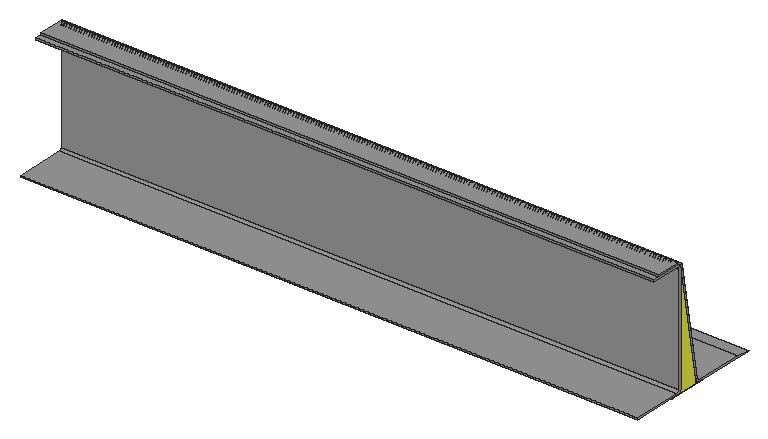
Revit family "CFS K 50 WOL", category Generic Models, Revit 2014
Parameters (values of type "Max lintel length 4800mm")
  URL = "http://www.keystonelintels.co.uk"
  Structural Opening [instance] = 900 mm
  Structural Performance = "The Keystone lintel range has safe working loads as detailed in each applicable loading table in the Keystone Lintel Guide brochure. The structural performance figures within each table have been ascertained by testing in accordance with the requirements of standards BS EN 5977-2: 1983 and BS EN 845-2: 2003."
  RIBA Productor Selector = "available for Keystone Lintels Ltd from Keystone Lintels Ltd from ribaproductselector.com"
  Model = "CFS/K 50 WOL"
  Min Length = 600 mm
  Min Clear Span = 300 mm
  Max Length = 4800 mm
  Max Clear Span = 4800 mm
  Material - Stainless Steel = "Grade 304 2b 1.4307 to BS EN 10088-2. Other grades available on request: contact manufacturer."
  Material - Galvanised Steel = "To BS EN 10346: 2009. DX51D plus Z600 or grade Z275 to BS 5977-2: 1983 (BS EN 845-2: 2003)."
  Manufacturer = "Keystone"
  Manufactured Length [instance] = (roundup(Effective Length / 150 mm) * 150 mm)  # 1200 mm
  Lintel height [instance] = 2100 mm
  Keynote = "F30/755"
  Fire Performance = "Keystone lintels have been subjected to a fire test (WARRES No. 101263) in accordance with BS 476-20: 1987, at Exova Warrington Fire and achieved a one hour fire performance."
  End Bearing = 150 mm
  Effective Length [instance] = Clear Opening with MIN MAX set + End Bearing * 2  # 1200 mm
  Corrosion = "Keystone’s standard range of lintels are manufactured from high quality grade pre-galvanized carbon steel with a zinc coating of 600"
  Contact Tel = "+44 (0)28 8676 2184"
  Contact Email = "info@keystonelintels.co.uk"
  Clear Opening with MIN MAX set [instance] = if(Structural Opening < Min Clear Span, Min Clear Span, (if(Structural Opening > Max Clear Span, Max Clear Span, Structural Opening)))  # 900 mm
  CPD Information = "Available for Keystone Lintels Ltd from ribacpd.com"
Reference planes
  plane 1 "Center (Front/Back)": y = 0
  plane 2: z = 0
  plane 3 "Center (Left/Right)": x = 0
  plane 4: x = -600
  plane 5: x = 600
  plane 6: z = 2100
  plane 7: x = -450
  plane 8: x = 450
Forms (mm)
  Extrusion 1, solid, material "Steel"
    sketch origin (0, 728.884, -496.241) x (0, 1, 0) y (0, 0, 1)
      loop
        line (-608.043, 2596.241) -> (-583.1, 2595.355) -> (-582.987, 2598.553) -> (-607.987, 2599.441) -> (-702.119, 2599.441)
        arc (-702.119, 2599.441) -> (-705.339, 2600.616) -> (-707.045, 2603.588) r 5
        line (-707.045, 2603.588) -> (-744.223, 2818.381)
        arc (-744.223, 2818.381) -> (-747.009, 2823.295) -> (-752.313, 2825.241) r 8.2
        line (-752.313, 2825.241) -> (-800.986, 2825.241) -> (-800.986, 2822.041) -> (-752.311, 2822.041)
        arc (-752.311, 2822.041) -> (-749.078, 2820.855) -> (-747.379, 2817.858) r 5
        line (-747.379, 2817.858) -> (-710.389, 2604.191)
        arc (-710.389, 2604.191) -> (-707.902, 2598.555) -> (-702.193, 2596.241) r 8.2
        line (-702.193, 2596.241) -> (-608.043, 2596.241)
    from -600 to 600
  Extrusion 2, solid, material "Steel"
    sketch origin (0, 728.888, -496.241) x (0, 1, 0) y (0, 0, 1)
      loop
        arc (-755.686, 2596.241) -> (-750.1, 2598.555) -> (-747.786, 2604.141) r 7.9
        line (-747.786, 2604.141) -> (-747.786, 2813.841)
        arc (-747.786, 2813.841) -> (-750.038, 2819.577) -> (-755.686, 2822.041) r 8.051
        line (-755.686, 2822.041) -> (-812.386, 2822.041) -> (-812.386, 2818.841) -> (-755.986, 2818.841)
        arc (-755.986, 2818.841) -> (-752.45, 2817.377) -> (-750.986, 2813.841) r 5
        line (-750.986, 2813.841) -> (-750.986, 2604.141)
        arc (-750.986, 2604.141) -> (-752.362, 2600.818) -> (-755.686, 2599.441) r 4.7
        line (-755.686, 2599.441) -> (-850.986, 2599.441) -> (-850.986, 2596.241) -> (-755.686, 2596.241)
    from -600 to 600
  Extrusion 3, solid, material "Steel"
    sketch origin (0, 728.888, -496.241) x (0, 1, 0) y (0, 0, 1)
      loop
        line (-768.398, 2595.241) -> (-693.398, 2595.241) -> (-693.398, 2596.241) -> (-710.398, 2596.241) -> (-710.389, 2604.241) -> (-711.398, 2604.241) -> (-711.398, 2596.241) -> (-768.398, 2596.241) -> (-768.398, 2595.241)
    from -600 to 600
  Extrusion 4, solid, material "Insulation"
    sketch origin (0, 728.888, -496.241) x (0, 1, 0) y (0, 0, 1)
      loop
        line (-711.398, 2596.241) -> (-711.398, 2604.241) -> (-710.398, 2603.787) -> (-710.398, 2596.241) -> (-702.197, 2596.237)
        arc (-702.197, 2596.237) -> (-707.931, 2598.573) -> (-710.399, 2604.25) r 8.204
        line (-710.399, 2604.25) -> (-747.379, 2817.858)
        arc (-747.379, 2817.858) -> (-749.715, 2821.314) -> (-753.858, 2821.796) r 5
        arc (-753.858, 2821.796) -> (-749.436, 2818.876) -> (-747.786, 2813.841) r 8.051
        line (-747.786, 2813.841) -> (-747.786, 2604.141)
        arc (-747.786, 2604.141) -> (-750.1, 2598.555) -> (-755.686, 2596.241) r 7.9
        line (-755.686, 2596.241) -> (-711.398, 2596.241)
    from -600 to 600
  Extrusion 5, solid, not visible
    sketch origin (0, 886.464, 1198.068) x (0, 1, 0) y (0, 0, 1)
      loop
        line (-608.043, 996.241) -> (-583.1, 995.355) -> (-582.987, 998.553) -> (-607.987, 999.441) -> (-702.119, 999.441)
        arc (-702.119, 999.441) -> (-705.339, 1000.616) -> (-707.045, 1003.588) r 5
        line (-707.045, 1003.588) -> (-744.223, 1218.381)
        arc (-744.223, 1218.381) -> (-747.009, 1223.295) -> (-752.313, 1225.241) r 8.2
        line (-752.313, 1225.241) -> (-800.986, 1225.241) -> (-800.986, 1222.041) -> (-752.311, 1222.041)
        arc (-752.311, 1222.041) -> (-749.078, 1220.855) -> (-747.379, 1217.858) r 5
        line (-747.379, 1217.858) -> (-710.389, 1004.191)
        arc (-710.389, 1004.191) -> (-707.902, 998.555) -> (-702.193, 996.241) r 8.2
        line (-702.193, 996.241) -> (-608.043, 996.241)
    from 0 to 250
  Extrusion 6, solid, not visible
    sketch origin (0, 599.105, 1250.575) x (0, 1, 0) y (0, 0, 1)
      loop
        arc (-755.686, 996.241) -> (-750.1, 998.555) -> (-747.786, 1004.141) r 7.9
        line (-747.786, 1004.141) -> (-747.786, 1213.841)
        arc (-747.786, 1213.841) -> (-750.038, 1219.577) -> (-755.686, 1222.041) r 8.051
        line (-755.686, 1222.041) -> (-812.386, 1222.041) -> (-812.386, 1218.841) -> (-755.986, 1218.841)
        arc (-755.986, 1218.841) -> (-752.45, 1217.377) -> (-750.986, 1213.841) r 5
        line (-750.986, 1213.841) -> (-750.986, 1004.141)
        arc (-750.986, 1004.141) -> (-752.362, 1000.818) -> (-755.686, 999.441) r 4.7
        line (-755.686, 999.441) -> (-850.986, 999.441) -> (-850.986, 996.241) -> (-755.686, 996.241)
    from 0 to 250
  Extrusion 7, solid, not visible
    sketch origin (0, 946.141, 997.647) x (0, 1, 0) y (0, 0, 1)
      loop
        line (-768.398, 995.241) -> (-693.398, 995.241) -> (-693.398, 996.241) -> (-710.398, 996.241) -> (-710.389, 1004.241) -> (-711.398, 1004.241) -> (-711.398, 996.241) -> (-768.398, 996.241) -> (-768.398, 995.241)
    from 0 to 250
  Extrusion 8, solid, not visible
    sketch origin (0, 528.379, 836.102) x (0, 1, 0) y (0, 0, 1)
      loop
        line (-711.398, 996.241) -> (-711.398, 1004.241) -> (-710.398, 1003.787) -> (-710.398, 996.241) -> (-702.197, 996.237)
        arc (-702.197, 996.237) -> (-707.931, 998.573) -> (-710.399, 1004.25) r 8.204
        line (-710.399, 1004.25) -> (-747.379, 1217.858)
        arc (-747.379, 1217.858) -> (-749.715, 1221.314) -> (-753.858, 1221.796) r 5
        arc (-753.858, 1221.796) -> (-749.436, 1218.876) -> (-747.786, 1213.841) r 8.051
        line (-747.786, 1213.841) -> (-747.786, 1004.141)
        arc (-747.786, 1004.141) -> (-750.1, 998.555) -> (-755.686, 996.241) r 7.9
        line (-755.686, 996.241) -> (-711.398, 996.241)
    from 0 to 250
Dimensions and locks
  equal spacing: plane 4, plane 3 "Center (Left/Right)", plane 5
  "Manufactured Length": plane 4 to plane 5
  "Lintel height": plane 6 to level
  "Structural Opening": plane 7 to plane 8
  equal spacing: plane 7, plane 3 "Center (Left/Right)", plane 8
  aligned and locked: level to plane 2
  aligned and locked: Extrusion 1 to plane 6
  aligned and locked: Extrusion 4 to plane 6
  aligned and locked: Extrusion 2 to plane 6
  aligned and locked: plane 6 to Extrusion 3
  aligned and locked: plane 5 to Extrusion 1
  aligned and locked: Extrusion 1 to plane 4
  aligned and locked: plane 5 to Extrusion 2
  aligned and locked: Extrusion 2 to plane 4
  aligned and locked: plane 5 to Extrusion 4
  aligned and locked: Extrusion 4 to plane 4
  aligned and locked: plane 5 to Extrusion 3
  aligned and locked: Extrusion 3 to plane 4
Automatic sketch dimensions
  Extrusion 1 sketch curve to Extrusion 1 sketch curve = 24.943 mm
  Extrusion 1 sketch curve to Extrusion 1 sketch curve = 0.114 mm
  Extrusion 1 sketch curve to Extrusion 1 sketch curve = 0.886 mm
  Extrusion 1 sketch curve to Extrusion 1 sketch curve = 0.057 mm
  Extrusion 1 sketch curve to Extrusion 1 sketch curve = 94.15 mm
  Extrusion 1 sketch curve to Extrusion 1 sketch curve = 0.074 mm
  Extrusion 1 sketch curve to Extrusion 1 sketch curve = 5 mm
  Extrusion 1 sketch curve to Extrusion 1 sketch curve = 8.196 mm
  Extrusion 1 sketch curve to Extrusion 1 sketch curve = 0 mm  (x2)
  Extrusion 1 sketch curve to Extrusion 1 sketch curve = 3.344 mm
  Extrusion 1 sketch curve to Extrusion 1 sketch curve = 33.834 mm
  Extrusion 1 sketch curve to Extrusion 1 sketch curve = 214.19 mm
  Extrusion 1 sketch curve to Extrusion 1 sketch curve = 3.156 mm
  Extrusion 1 sketch curve to Extrusion 1 sketch curve = 0.523 mm
  Extrusion 1 sketch curve to Extrusion 1 sketch curve = 4.933 mm
  Extrusion 1 sketch curve to Extrusion 1 sketch curve = 0.817 mm
  Extrusion 1 sketch curve to Extrusion 1 sketch curve = 0.001 mm
  Extrusion 1 sketch curve to Extrusion 1 sketch curve = 48.674 mm
  Extrusion 2 sketch curve to Extrusion 2 sketch curve = 95.3 mm
  Extrusion 2 sketch curve to Extrusion 2 sketch curve = 3.2 mm
  Extrusion 2 sketch curve to Extrusion 2 sketch curve = 0 mm  (x5)
  Extrusion 2 sketch curve to Extrusion 2 sketch curve = 4.7 mm
  Extrusion 2 sketch curve to Extrusion 2 sketch curve = 209.7 mm
  Extrusion 2 sketch curve to Extrusion 2 sketch curve = 4.85 mm
  Extrusion 2 sketch curve to Extrusion 2 sketch curve = 0.15 mm  (x3)
  Extrusion 2 sketch curve to Extrusion 2 sketch curve = 56.4 mm
  Extrusion 3 sketch curve to Extrusion 3 sketch curve = 75 mm
  Extrusion 3 sketch curve to Extrusion 3 sketch curve = 1 mm
  Extrusion 3 sketch curve to Extrusion 3 sketch curve = 17 mm
  Extrusion 3 sketch curve to Extrusion 3 sketch curve = 0.009 mm
  Extrusion 3 sketch curve to Extrusion 3 sketch curve = 8 mm
  Extrusion 3 sketch curve to Extrusion 3 sketch curve = 1.009 mm
  Extrusion 3 sketch curve to Extrusion 3 sketch curve = 0 mm
  Extrusion 4 sketch curve to Extrusion 4 sketch curve = 0.15 mm  (x2)
  Extrusion 4 sketch curve to Extrusion 4 sketch curve = 3.524 mm
  Extrusion 4 sketch curve to Extrusion 4 sketch curve = 4.526 mm
  Extrusion 4 sketch curve to Extrusion 4 sketch curve = 0.407 mm
  Extrusion 4 sketch curve to Extrusion 4 sketch curve = 36.388 mm
  Extrusion 4 sketch curve to Extrusion 4 sketch curve = 1 mm
  Extrusion 4 sketch curve to Extrusion 4 sketch curve = 8.202 mm
  Extrusion 4 sketch curve to Extrusion 4 sketch curve = 0 mm  (x2)
  Extrusion 4 sketch curve to Extrusion 4 sketch curve = 7.9 mm
  Extrusion 4 sketch curve to Extrusion 4 sketch curve = 8 mm
  Extrusion 4 sketch curve to Extrusion 4 sketch curve = 8.2 mm
  Extrusion 4 sketch curve to Extrusion 4 sketch curve = 209.7 mm
  Extrusion 4 sketch curve to Extrusion 4 sketch curve = 3.05 mm
  Extrusion 4 sketch curve to Extrusion 4 sketch curve = 4.017 mm
  Extrusion 4 sketch curve to Extrusion 4 sketch curve = 0.004 mm  (x2)
  Extrusion 4 sketch curve to Extrusion 4 sketch curve = 0.463 mm
  Extrusion 4 sketch curve to Extrusion 4 sketch curve = 8.201 mm
  Extrusion 5 sketch curve to Extrusion 5 sketch curve = 24.943 mm
  Extrusion 5 sketch curve to Extrusion 5 sketch curve = 0.114 mm
  Extrusion 5 sketch curve to Extrusion 5 sketch curve = 0.886 mm
  Extrusion 5 sketch curve to Extrusion 5 sketch curve = 0.057 mm
  Extrusion 5 sketch curve to Extrusion 5 sketch curve = 94.15 mm
  Extrusion 5 sketch curve to Extrusion 5 sketch curve = 0.074 mm
  Extrusion 5 sketch curve to Extrusion 5 sketch curve = 5 mm
  Extrusion 5 sketch curve to Extrusion 5 sketch curve = 8.196 mm
  Extrusion 5 sketch curve to Extrusion 5 sketch curve = 0 mm  (x2)
  Extrusion 5 sketch curve to Extrusion 5 sketch curve = 3.344 mm
  Extrusion 5 sketch curve to Extrusion 5 sketch curve = 33.834 mm
  Extrusion 5 sketch curve to Extrusion 5 sketch curve = 214.19 mm
  Extrusion 5 sketch curve to Extrusion 5 sketch curve = 3.156 mm
  Extrusion 5 sketch curve to Extrusion 5 sketch curve = 0.523 mm
  Extrusion 5 sketch curve to Extrusion 5 sketch curve = 4.933 mm
  Extrusion 5 sketch curve to Extrusion 5 sketch curve = 0.817 mm
  Extrusion 5 sketch curve to Extrusion 5 sketch curve = 0.001 mm
  Extrusion 5 sketch curve to Extrusion 5 sketch curve = 48.674 mm
  Extrusion 6 sketch curve to Extrusion 6 sketch curve = 95.3 mm
  Extrusion 6 sketch curve to Extrusion 6 sketch curve = 3.2 mm
  Extrusion 6 sketch curve to Extrusion 6 sketch curve = 0 mm  (x5)
  Extrusion 6 sketch curve to Extrusion 6 sketch curve = 4.7 mm
  Extrusion 6 sketch curve to Extrusion 6 sketch curve = 209.7 mm
  Extrusion 6 sketch curve to Extrusion 6 sketch curve = 4.85 mm
  Extrusion 6 sketch curve to Extrusion 6 sketch curve = 0.15 mm  (x3)
  Extrusion 6 sketch curve to Extrusion 6 sketch curve = 56.4 mm
  Extrusion 7 sketch curve to Extrusion 7 sketch curve = 75 mm
  Extrusion 7 sketch curve to Extrusion 7 sketch curve = 1 mm
  Extrusion 7 sketch curve to Extrusion 7 sketch curve = 17 mm
  Extrusion 7 sketch curve to Extrusion 7 sketch curve = 0.009 mm
  Extrusion 7 sketch curve to Extrusion 7 sketch curve = 8 mm
  Extrusion 7 sketch curve to Extrusion 7 sketch curve = 1.009 mm
  Extrusion 7 sketch curve to Extrusion 7 sketch curve = 0 mm
  Extrusion 8 sketch curve to Extrusion 8 sketch curve = 0.15 mm  (x2)
  Extrusion 8 sketch curve to Extrusion 8 sketch curve = 3.524 mm
  Extrusion 8 sketch curve to Extrusion 8 sketch curve = 4.526 mm
  Extrusion 8 sketch curve to Extrusion 8 sketch curve = 0.407 mm
  Extrusion 8 sketch curve to Extrusion 8 sketch curve = 36.388 mm
  Extrusion 8 sketch curve to Extrusion 8 sketch curve = 1 mm
  Extrusion 8 sketch curve to Extrusion 8 sketch curve = 8.202 mm
  Extrusion 8 sketch curve to Extrusion 8 sketch curve = 0 mm  (x2)
  Extrusion 8 sketch curve to Extrusion 8 sketch curve = 7.9 mm
  Extrusion 8 sketch curve to Extrusion 8 sketch curve = 8 mm
  Extrusion 8 sketch curve to Extrusion 8 sketch curve = 8.2 mm
  Extrusion 8 sketch curve to Extrusion 8 sketch curve = 209.7 mm
  Extrusion 8 sketch curve to Extrusion 8 sketch curve = 3.05 mm
  Extrusion 8 sketch curve to Extrusion 8 sketch curve = 4.017 mm
  Extrusion 8 sketch curve to Extrusion 8 sketch curve = 0.004 mm  (x2)
  Extrusion 8 sketch curve to Extrusion 8 sketch curve = 0.463 mm
  Extrusion 8 sketch curve to Extrusion 8 sketch curve = 8.201 mm
  Extrusion 4 sketch curve to plane 6 = 0 mm
  plane 1 "Center (Front/Back)" to Extrusion 4 sketch curve = 26.948 mm
  Extrusion 2 sketch curve to plane 6 = 0 mm
  plane 1 "Center (Front/Back)" to Extrusion 2 sketch curve = 122.098 mm
  Extrusion 3 sketch curve to plane 6 = 0 mm
  plane 1 "Center (Front/Back)" to Extrusion 3 sketch curve = 39.51 mm
  Extrusion 1 sketch curve to plane 6 = 0 mm
  plane 1 "Center (Front/Back)" to Extrusion 1 sketch curve = 72.102 mm
